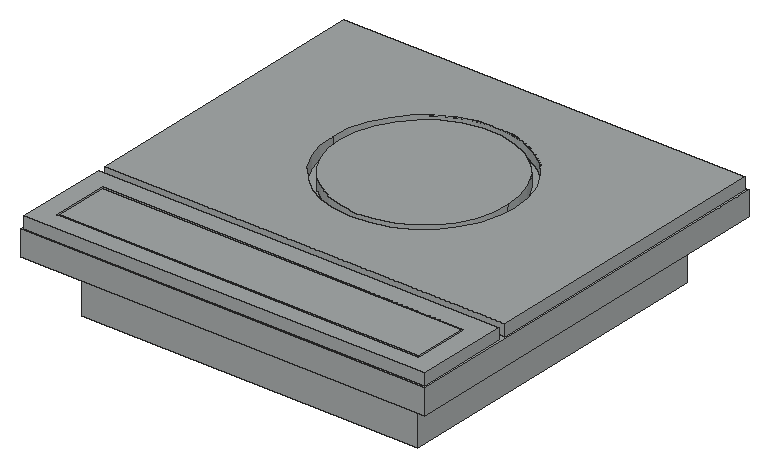
Revit family "Gira_5534920", category Electrical Fixtures, host Face, Revit 2017
Family settings
  Host = Face
  Maintain Annotation Orientation = Yes
  Round Connector Dimension = Use Diameter
  Part Type = Normal
  Cut with Voids When Loaded = No
  Shared = No
  Room Calculation Point = No
Parameters (values of type "Call btn mod.4-g System 106 stainl.steel")
  Width = "0.1065"
  URL = "http://katalog.gira.de/en/datenblatt.html?artikelnr=5534920"
  Number of bell buttons = "4"
  Name = "Call btn mod.4-g System 106 stainl.steel"
  Model = "Sys106_Abdeckung_Schalten und Tasten"
  Manufacturer URL = "https://www.gira.de/"
  Manufacturer = "Gira"
  Installation technique = "Bus system"
  HeinzeBIM = "https://bimportal.heinze.de/bim/call-btn-mod-4-g-system-106-stainl-steel/cd27312dd71227d3f6205e19500f044878fedf58"
  Height = "0.1065"
  HAN = "5534920"
  GTIN = "4010337022527"
  Edelstahl [instance] = Edelstahl
  Description = "C.btn mod.4g S106 SST,System 106 call-button module,4-gang,Stainless steel,The Gira System 106 is an installation system made of metal in a puristic and elegant frameless design, based on basic measurements of 106.5 × 106.5 mm. With the modular door intercom in Gira System 106, hospitality begins even before you reach the front door. All the functions are presented in a harmonious overall appearance, from the call button module, intercom module, and camera module, up to the info and blank module. In the dark, backlit call buttons with inscription space ensure good legibility and an attractive appearance.,,Individually adaptable modular system, The System 106 can be used in family homes or apartment buildings, as well as in office buildings, industrial properties, and hotels. The modular design enables the system's size, design, and functionality to be individually adapted to the respective requirements. Expansions and changes are possible at any time by easily exchanging the modules.,With this system, it is also possible to exchange the fronts only. This means that the appearance of the system can be changed from e.g. traffic white to a stainless steel surface at a later stage, without having to exchange the electronic units.,,High-quality materials,The modules are frameless with design fronts made of genuine materials, available in two brushed stainless steel versions (V2A and V4A), anodised aluminium C-0, and a metal alloy lacquered in traffic white (RAL 9016): all robust materials which ensure durability. The camera and DIN 18040 display module feature a black glass cover.,,Easy and phased installation,The system can be installed in phases, in parallel to the progress of building work. In this way, it is possible to initially install only the lower part of a surface-mounted housing during construction of the shell; cables and modules can then be added when they are needed.,,Individual inscription options,Call button modules and info modules can be labelled individually via the Gira inscription service.,,Features:,- Easy-to-use, vandal-proof, and scratch-resistant call buttons.,- Function changes, e.g. from 2-gang to 4-gang, can be easily realised by replacing the buttons.,- Various inscription options possible.,,Notes :,- Professional labelling with the Gira Inscription Service www.marking.gira.com."
  Default Elevation = 1219.2 mm
  Data sheet (1) = "https://katalog.gira.de/en/download.html?artikelnr=5534920"
  Category = "Functional module for door communication"
  BIM (1) = "https://media.stage.bim.site/public/gira/36a6b08/Sys106_Abdeckung_Schalten und Tasten.rfa?public/gira/36a6b08/Sys106_Abdeckung_Schalten und Tasten.rfa"
  Available = "No"
Reference planes
  plane 1 "Center (Front/Back)": y = 0
  plane 2 "Reference Level 0": z = 0
  plane 3 "Center (Left/Right)": x = 0
  plane 4 "Reference Level 1": z = 9.5
Forms (mm)
  Extrusion 1, solid, material "Edelstahl" <- "Edelstahl", detail levels coarse
    sketch origin (0, 0, 0) x (1, 0, 0) y (0, 1, 0)
      loop
        line (-53, 53) -> (-53, -53) -> (53, -53) -> (53, 53) -> (-53, 53)
    from -14.7 to 9.5
  Extrusion 2, solid, material "Edelstahl" <- "Edelstahl", detail levels fine
    sketch origin (0, 0, 0) x (1, 0, 0) y (0, 1, 0)
      loop
        line (52.5, -28) -> (-52.5, -28) -> (-52.5, -52.5) -> (52.5, -52.5) -> (52.5, -28)
      loop
        line (-47.5, -48) -> (47.5, -48) -> (47.5, -33) -> (-47.5, -33) -> (-47.5, -48)
    from 6.5 to 9.5
  Extrusion 3, solid, material "Edelstahl" <- "Edelstahl", detail levels fine
    sketch origin (0, 0, 0) x (1, 0, 0) y (0, 1, 0)
      loop
        line (-52.5, 52.5) -> (-52.5, -26) -> (52.5, -26) -> (52.5, 52.5) -> (-52.5, 52.5)
      loop
        circle (0, 13) r 24
    from 6.5 to 9.5
  Extrusion 4, solid, material "Edelstahl" <- "Edelstahl", detail levels medium+fine
    sketch origin (0, 0, 0) x (1, 0, 0) y (0, 1, 0)
      loop
        line (-53, 53) -> (-53, -53) -> (53, -53) -> (53, 53) -> (-53, 53)
    from 0 to 6.5
  Extrusion 5, solid, material "Edelstahl" <- "Edelstahl", detail levels fine
    sketch origin (0, 0, 0) x (1, 0, 0) y (0, 1, 0)
      loop
        line (-44, 44) -> (-44, -44) -> (44, -44) -> (44, 44) -> (-44, 44)
    from -14.7 to 0
  Extrusion 6, solid, material "Edelstahl" <- "Edelstahl", detail levels fine
    sketch origin (0, 0, 0) x (1, 0, 0) y (0, 1, 0)
      loop
        circle (0, 13) r 22
    from 6.5 to 9.5
  Extrusion 7, solid, material "Edelstahl" <- "Edelstahl", detail levels fine
    sketch origin (0, 0, 0) x (1, 0, 0) y (0, 1, 0)
      loop
        line (-47, -33.5) -> (-47, -47.5) -> (47, -47.5) -> (47, -33.5) -> (-47, -33.5)
    from 6.5 to 9.5
  Extrusion 8, solid, material "Edelstahl" <- "Edelstahl", detail levels medium
    sketch origin (0, 0, 0) x (1, 0, 0) y (0, 1, 0)
      loop
        line (-52.5, 52.5) -> (-52.5, -26) -> (52.5, -26) -> (52.5, 52.5) -> (-52.5, 52.5)
      loop
        line (-52.5, -28) -> (-52.5, -52.5) -> (52.5, -52.5) -> (52.5, -28) -> (-52.5, -28)
    from 6.5 to 9.5
  Extrusion 9, solid, material "Edelstahl" <- "Edelstahl", detail levels medium
    sketch origin (0, 0, 0) x (1, 0, 0) y (0, 1, 0)
      loop
        circle (0, 13) r 24
      loop
        line (-47.5, -33) -> (-47.5, -48) -> (47.5, -48) -> (47.5, -33) -> (-47.5, -33)
    from 6.5 to 9.5
Dimensions and locks
  aligned and locked: plane 2 "Reference Level 0" to host face
  aligned and locked: level to host face
  aligned and locked: Extrusion 4 to host face
  aligned and locked: Extrusion 4 to level
  aligned and locked: level to Extrusion 5
  aligned and locked: level to Extrusion 4
  aligned and locked: Extrusion 4 to plane 2 "Reference Level 0"
  aligned and locked: plane 2 "Reference Level 0" to Extrusion 5
  aligned and locked: plane 3 "Center (Left/Right)" to nested 1
  aligned and locked: plane 1 "Center (Front/Back)" to nested 1
Nested families
  nested 1: "Schalter" at (0, 0, 0), type "Schalter"
Connectors
  electrical at (0, 0, -14.7)
    settings: on Extrusion 5, index 1, voltage 220 V, apparent load 0 VA, apparent load phase1 0 VA, apparent load phase2 0 VA, apparent load phase3 0 VA, power factor 1, load classification "Other", number of poles 1, system type 30, power factor state 1, is connector primary yes, connector utility no, sub classification motor no, connector description ""
Definition of nested family "Schalter"
  Reference planes
    plane 1: y = 0
    plane 2: x = 0
  Lines and regions (mm)
    detail lines
      curve 1: circle (1.375, 2.778, 0) r 0.8 normal (0, 0, 1)
      curve 2: line (1.021, 2.061, 0) -> (0, 0, 0)
      curve 3: line (0, 0, 0) -> (-0.538, 0.266, 0)
  Dimensions and locks
    curve 2 to curve 2 = 2.3 mm
    curve 3 to curve 2 = 0.6 mm
    radius of curve 1 = 0.8 mm
